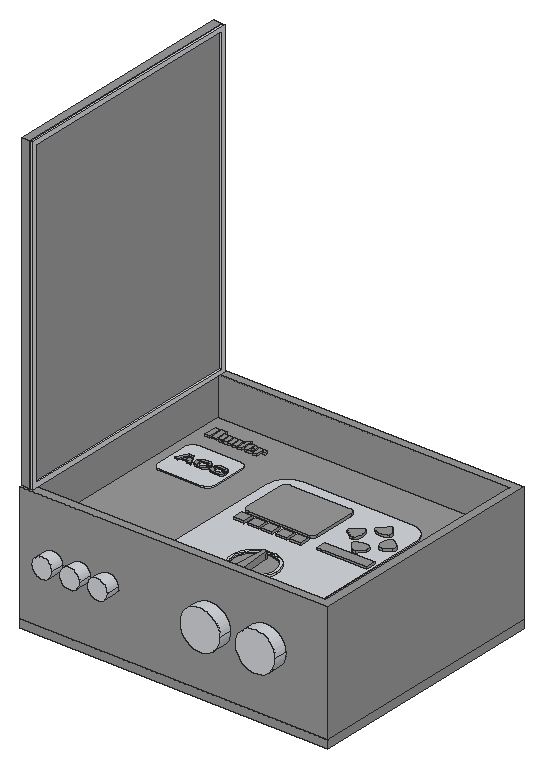
Revit family "HUNTER_ACC-1200 Wall Mounted", category Electrical Equipment, host Face, Revit 2017
Family settings
  Host = Face
  Panel Configuration = One Column
  Round Connector Dimension = Use Diameter
  Part Type = Panelboard
  OmniClass Number = 23.35.25.21
  Cut with Voids When Loaded = No
  Shared = Yes
  Room Calculation Point = No
Parameters (values of type "ACC-1200-SS")
  Up [instance] = no
  Type Image = <None>
  Transformer Output = "24VAC, 4.0A"  # constant formula
  Stations = "12 Stations base unit controller expandable to 42 Stations"
  Sensor Input = "4 + Flow"  # constant formula
  Pump/Master Valve Contacts = "2, normally closed"  # constant formula
  Protection Rating = "IP56"
  Power = Current * Input Voltage  # 240 VA
  Panel Type = "Modular"
  Panel Name [instance] = "ACC-SS"
  Output Voltage = 24 V
  Number of Sensor Inputs = "4+ Dedicated Flow Input"
  built-in parameter 1140079 [instance] = (empty or 0)
  Input Voltage = 120 V
  Expansion Module = "A2M-600 (6 Stations plug-in) Expansion Module"
  Enclosure_Width = 390 mm
  Voltage = "120"
  URL = "https://www.hunterindustries.com/irrigation-product/controllers/acc"
  Type Comments = "Hunter's Flagship Controller"
  Keynote = "328423.04"
  Power factor = 1
  built-in parameter 1140081 [instance] = "Wall Mounted Controller"
  Model = "ACC-1200-SS / ACC-1800-SS / ACC- 2400-SS / ACC-3000-SS / ACC-3600-SS / ACC-4200-SS"
  Manufacturer = "Hunter® Industries"
  Enclosure_Height = 310 mm
  Enclosure Material = Hunter® Stainless Steel
  built-in parameter 1140083 [instance] = "1.45mm Gauge / Corrosion Resistant / Stainless Steel Enclosure"
  Down [instance] = yes
  Description = "12-Station base unit , Wall mounted controller, expandable to 42 stations, with Stainless Steel Cabinet"
  Enclosure_Depth = 160 mm
  Default Elevation = 1200 mm
  Decoders = "Expandable Up to 99 with Decoders"
  Current = if(Input Voltage = 120 V, 2 A, 1 A)  # 2 A
  Assembly Code = "D5090900"
Types (2, lengths in mm): name | Stations | Panel Name | Model | Enclosure Material | built-in parameter 1140083 | Description
  ACC-1200 | "12 Stations base count expandable to 42 Stations" | "ACC" | "ACC-1200 / ACC-1800 / ACC- 2400 / ACC-3000 / ACC-3600 / ACC-4200" | Hunter® Metal Grey | "Grey Powder Coated Metal Cabinet" | "12-Station base unit , Wall mounted controller, expandable to 42 stations, with Metal Cabinet"
  ACC-1200-SS | "12 Stations base unit controller expandable to 42 Stations" | "ACC-SS" | "ACC-1200-SS / ACC-1800-SS / ACC- 2400-SS / ACC-3000-SS / ACC-3600-SS / ACC-4200-SS" | Hunter® Stainless Steel | "1.45mm Gauge / Corrosion Resistant / Stainless Steel Enclosure" | "12-Station base unit , Wall mounted controller, expandable to 42 stations, with Stainless Steel Cabinet"
Reference planes
  plane 1 "Center (Front/Back)": y = 0
  plane 2: z = 0
  plane 3 "Center (Left/Right)": x = 0
Forms (mm)
  Extrusion 1, solid, material "Hunter® Stainless Steel" <- "Enclosure Material"
    sketch origin (0, 0, 0) x (1, 0, 0) y (0, 1, 0)
      loop
        line (195, -155) -> (195, 155) -> (-195, 155) -> (-195, -155) -> (195, -155)
      loop
        line (185, 145) -> (-185, 145) -> (-185, -145) -> (185, -145) -> (185, 145)
    from 0 to 160 <- "Enclosure_Depth"
  Extrusion 2, solid, material "Hunter® Stainless Steel" <- "Enclosure Material"
    sketch origin (0, 0, 0) x (1, 0, 0) y (0, 1, 0)
      loop
        line (-195, 155) -> (-195, -155) -> (195, -155) -> (195, 155) -> (-195, 155)
    from 0 to 10
  Extrusion 3, solid, material "Hunter® Stainless Steel" <- "Enclosure Material"
    sketch origin (0, 0, 160) x (1, 0, 0) y (0, 1, 0)
      loop
        line (185, 145) -> (-185, 145) -> (-185, -145) -> (185, -145) -> (185, 145)
    from -113.095 to -49.145
  Extrusion 4, solid, material "Hunter_Controler"
    sketch origin (-24.528, 15.224, 110.855) x (1, 0, 0) y (0, 1, 0)
      loop
        line (-146.162, 92.418) -> (-139.618, 92.418) -> (-139.618, 100.741) -> (-138.16, 100.741) -> (-138.16, 92.418) -> (-131.615, 92.418) -> (-131.615, 109.317) -> (-138.16, 109.317) -> (-138.16, 102.419) -> (-139.622, 102.419) -> (-139.622, 109.317) -> (-146.162, 109.317) -> (-146.162, 92.418)
      loop
        line (-130.455, 104.497) -> (-130.455, 95.91)
        arc (-130.455, 95.91) -> (-129.29, 93.303) -> (-126.571, 92.431) r 3.5
        line (-126.571, 92.431) -> (-125.217, 92.431) -> (-125.217, 104.497) -> (-130.455, 104.497)
      loop
        line (-124.091, 92.431) -> (-122.728, 92.431)
        arc (-122.728, 92.431) -> (-120.015, 93.308) -> (-118.854, 95.912) r 3.501
        line (-118.854, 95.912) -> (-118.854, 104.497) -> (-124.091, 104.497) -> (-124.091, 92.431)
      loop
        line (-117.768, 104.544) -> (-117.768, 92.434) -> (-112.533, 92.434) -> (-112.533, 104.544) -> (-117.768, 104.544)
      loop
        line (-111.423, 92.431) -> (-106.087, 92.431) -> (-106.087, 100.979)
        arc (-106.087, 100.979) -> (-107.369, 103.489) -> (-110, 104.497) r 3.935
        line (-110, 104.497) -> (-111.423, 104.497) -> (-111.423, 92.431)
      loop
        line (-106.72, 103.074) -> (-104.862, 103.074) -> (-104.862, 92.431) -> (-99.793, 92.431) -> (-99.793, 103.074) -> (-97.698, 103.074) -> (-97.698, 104.368) -> (-99.793, 104.368) -> (-99.793, 109.3) -> (-106.72, 103.074)
      loop
        line (-93.122, 93.785) -> (-93.122, 104.666)
        arc (-93.122, 104.666) -> (-99.238, 98.549) -> (-93.122, 92.433) r 6.116
        arc (-93.122, 92.433) -> (-89.698, 93.038) -> (-86.69, 94.78) r 9.987
        line (-86.69, 94.78) -> (-86.69, 96.267)
        arc (-86.69, 96.267) -> (-89.615, 94.273) -> (-93.122, 93.785) r 7.764
      loop
        arc (-86.69, 98.43) -> (-87.997, 102.86) -> (-92.263, 104.632) r 5.364
        line (-92.263, 104.632) -> (-92.263, 98.43) -> (-86.69, 98.43)
      loop
        line (-85.937, 92.433) -> (-80.745, 92.433) -> (-80.745, 104.543) -> (-85.937, 104.543) -> (-85.937, 92.433)
      loop
        circle (-77.797, 101.823) r 2.319
      loop
        line (-140.778, 37.324) -> (-136.041, 37.324) -> (-134.8, 39.769) -> (-126.206, 39.769) -> (-124.888, 37.324) -> (-120.171, 37.324) -> (-124.982, 46.079) -> (-129.614, 46.079) -> (-127.791, 42.748) -> (-133.215, 42.748) -> (-130.546, 47.784) -> (-125.921, 47.784) -> (-127.772, 51.151) -> (-133.291, 51.151) -> (-140.778, 37.324)
      loop
        line (-118.845, 47.78) -> (-111.96, 47.752) -> (-107.338, 47.752)
        arc (-107.338, 47.752) -> (-106.26, 47.534) -> (-105.352, 46.916) r 2.777
        line (-105.352, 46.916) -> (-105.352, 46.09) -> (-101.111, 46.09)
        arc (-101.111, 46.09) -> (-103.14, 49.276) -> (-106.325, 51.304) r 8.713
        line (-106.325, 51.304) -> (-113.621, 51.304)
        arc (-113.621, 51.304) -> (-116.75, 50.308) -> (-118.845, 47.78) r 5.836
      loop
        line (-118.969, 46.098) -> (-118.969, 41.652)
        arc (-118.969, 41.652) -> (-116.657, 38.412) -> (-112.876, 37.172) r 6.382
        line (-112.876, 37.172) -> (-106.039, 37.172)
        arc (-106.039, 37.172) -> (-102.932, 38.147) -> (-100.94, 40.724) r 5.437
        line (-100.94, 40.724) -> (-100.94, 42.634) -> (-105.18, 42.634)
        arc (-105.18, 42.634) -> (-105.236, 41.429) -> (-106.214, 40.724) r 1.386
        line (-106.214, 40.724) -> (-107.663, 40.724) -> (-112.188, 40.724)
        arc (-112.188, 40.724) -> (-113.904, 41.434) -> (-114.614, 43.15) r 2.426
        line (-114.614, 43.15) -> (-114.614, 46.098) -> (-118.969, 46.098)
      loop
        line (-98.506, 47.78) -> (-91.621, 47.752) -> (-86.999, 47.752)
        arc (-86.999, 47.752) -> (-85.922, 47.534) -> (-85.013, 46.916) r 2.777
        line (-85.013, 46.916) -> (-85.013, 46.09) -> (-80.773, 46.09)
        arc (-80.773, 46.09) -> (-82.801, 49.276) -> (-85.986, 51.304) r 8.713
        line (-85.986, 51.304) -> (-93.283, 51.304)
        arc (-93.283, 51.304) -> (-96.411, 50.308) -> (-98.506, 47.78) r 5.836
      loop
        line (-98.63, 46.098) -> (-98.63, 41.652)
        arc (-98.63, 41.652) -> (-96.319, 38.412) -> (-92.538, 37.172) r 6.382
        line (-92.538, 37.172) -> (-85.701, 37.172)
        arc (-85.701, 37.172) -> (-82.593, 38.147) -> (-80.601, 40.724) r 5.437
        line (-80.601, 40.724) -> (-80.601, 42.634) -> (-84.841, 42.634)
        arc (-84.841, 42.634) -> (-84.897, 41.429) -> (-85.875, 40.724) r 1.386
        line (-85.875, 40.724) -> (-87.324, 40.724) -> (-91.85, 40.724)
        arc (-91.85, 40.724) -> (-93.565, 41.434) -> (-94.276, 43.15) r 2.426
        line (-94.276, 43.15) -> (-94.276, 46.098) -> (-98.63, 46.098)
    from 0 to 2
  Extrusion 5, solid
    sketch origin (-24.528, 15.224, 110.855) x (1, 0, 0) y (0, 1, 0)
      loop
        arc (-136.044, 71.345) -> (-143.566, 68.23) -> (-146.682, 60.707) r 10.638
        line (-146.682, 60.707) -> (-146.682, 20.181)
        arc (-146.682, 20.181) -> (-143.566, 12.658) -> (-136.044, 9.542) r 10.638
        line (-136.044, 9.542) -> (-85.386, 9.542)
        arc (-85.386, 9.542) -> (-77.863, 12.658) -> (-74.747, 20.181) r 10.638
        line (-74.747, 20.181) -> (-74.747, 60.707)
        arc (-74.747, 60.707) -> (-77.863, 68.23) -> (-85.386, 71.345) r 10.638
        line (-85.386, 71.345) -> (-136.044, 71.345)
    from 0 to 1
  Extrusion 6, solid
    sketch origin (0, 0, 110.855) x (1, 0, 0) y (0, 1, 0)
      loop
        line (102.32, 93.635) -> (-35.31, 93.635)
        arc (-35.31, 93.635) -> (-52.987, 86.313) -> (-60.31, 68.635) r 25
        line (-60.31, 68.635) -> (-60.31, -81.728)
        arc (-60.31, -81.728) -> (-52.987, -99.405) -> (-35.31, -106.728) r 25
        line (-35.31, -106.728) -> (102.32, -106.728)
        arc (102.32, -106.728) -> (119.998, -99.405) -> (127.32, -81.728) r 25
        line (127.32, -81.728) -> (127.32, 68.635)
        arc (127.32, 68.635) -> (119.998, 86.313) -> (102.32, 93.635) r 25
    from 0 to 1
  Extrusion 7, solid
    sketch origin (-2.206, -24.27, 110.855) x (1, 0, 0) y (0, 1, 0)
      loop
        circle (33.505, -42.64) r 27.961
    from 0 to 3
  Extrusion 8, void
    sketch origin (-2.206, -24.27, 110.855) x (0, 1, 0) y (1, 0, 0)
      loop
        circle (-42.64, 33.505) r 25.523
    from -10 to 0
  Extrusion 9, solid, material "Hunter_Controler"
    sketch origin (12.815, -39.437, 110.855) x (1, 0, 0) y (0, 1, 0)
      loop
        line (21.692, -52.383) -> (18.994, -9.623)
        arc (18.994, -9.623) -> (18.578, -8.433) -> (17.604, -7.633) r 2.333
        arc (17.604, -7.633) -> (16.505, -7.616) -> (15.406, -7.633) r 34.018
        arc (15.406, -7.633) -> (14.432, -8.433) -> (14.016, -9.623) r 2.333
        line (14.016, -9.623) -> (11.315, -52.432)
        arc (11.315, -52.432) -> (11.679, -53.444) -> (12.666, -53.871) r 1.354
        line (12.666, -53.871) -> (20.295, -53.871)
        arc (20.295, -53.871) -> (21.315, -53.429) -> (21.692, -52.383) r 1.4
    from 0 to 8
  Extrusion 10, solid, material "Hunter_Controler"
    sketch origin (-19.891, -5.491, 110.855) x (1, 0, 0) y (0, 1, 0)
      loop
        line (-9.518, 11.665) -> (-23.109, 11.665) -> (-23.109, -1.409) -> (-9.518, -1.409) -> (-9.518, 11.665)
      loop
        line (8.372, 11.665) -> (-5.219, 11.665) -> (-5.219, -1.409) -> (8.372, -1.409) -> (8.372, 11.665)
      loop
        line (25.555, 11.665) -> (11.963, 11.665) -> (11.963, -1.409) -> (25.555, -1.409) -> (25.555, 11.665)
      loop
        line (44.158, 11.665) -> (30.567, 11.665) -> (30.567, -1.409) -> (44.158, -1.409) -> (44.158, 11.665)
      loop
        line (61.599, 11.665) -> (48.008, 11.665) -> (48.008, -1.409) -> (61.599, -1.409) -> (61.599, 11.665)
      loop
        line (56.158, 83.676) -> (-18.162, 83.676)
        arc (-18.162, 83.676) -> (-23.516, 81.458) -> (-25.734, 76.103) r 7.573
        line (-25.734, 76.103) -> (-25.734, 23.941)
        arc (-25.734, 23.941) -> (-23.442, 18.408) -> (-17.909, 16.116) r 7.826
        line (-17.909, 16.116) -> (59.266, 16.116)
        arc (59.266, 16.116) -> (62.801, 17.58) -> (64.266, 21.116) r 5
        line (64.266, 21.116) -> (64.266, 75.568)
        arc (64.266, 75.568) -> (61.891, 81.301) -> (56.158, 83.676) r 8.108
      loop
        line (142.703, 14.482) -> (79.38, 14.482) -> (79.38, 1.817) -> (142.703, 1.817) -> (142.703, 14.482)
      loop
        line (114.331, 21.071) -> (120.627, 29.425)
        arc (120.627, 29.425) -> (121.463, 31.925) -> (120.627, 34.425) r 4.154
        arc (120.627, 34.425) -> (111.322, 37.718) -> (102.017, 34.425) r 14.792
        arc (102.017, 34.425) -> (101.181, 31.925) -> (102.017, 29.425) r 4.154
        line (102.017, 29.425) -> (108.313, 21.071)
        arc (108.313, 21.071) -> (111.322, 19.57) -> (114.331, 21.071) r 3.768
      loop
        arc (114.331, 79.067) -> (111.322, 80.568) -> (108.313, 79.067) r 3.768
        line (108.313, 79.067) -> (102.017, 70.713)
        arc (102.017, 70.713) -> (101.181, 68.213) -> (102.017, 65.713) r 4.154
        arc (102.017, 65.713) -> (111.322, 62.42) -> (120.627, 65.713) r 14.792
        arc (120.627, 65.713) -> (121.463, 68.213) -> (120.627, 70.713) r 4.154
        line (120.627, 70.713) -> (114.331, 79.067)
      loop
        arc (140.321, 47.06) -> (141.821, 50.069) -> (140.321, 53.078) r 3.768
        line (140.321, 53.078) -> (131.966, 59.374)
        arc (131.966, 59.374) -> (129.466, 60.21) -> (126.966, 59.374) r 4.154
        arc (126.966, 59.374) -> (123.673, 50.069) -> (126.966, 40.764) r 14.792
        arc (126.966, 40.764) -> (129.466, 39.928) -> (131.966, 40.764) r 4.154
        line (131.966, 40.764) -> (140.321, 47.06)
      loop
        line (82.324, 47.06) -> (90.678, 40.764)
        arc (90.678, 40.764) -> (93.178, 39.928) -> (95.678, 40.764) r 4.154
        arc (95.678, 40.764) -> (98.971, 50.069) -> (95.678, 59.374) r 14.792
        arc (95.678, 59.374) -> (93.178, 60.21) -> (90.678, 59.374) r 4.154
        line (90.678, 59.374) -> (82.324, 53.078)
        arc (82.324, 53.078) -> (80.823, 50.069) -> (82.324, 47.06) r 3.768
    from 0 to 3
  Extrusion 11, solid, material "Hunter® Stainless Steel" <- "Enclosure Material"
    sketch origin (2, 0, -18) x (1, 0, 0) y (0, 0, 1)
      loop
        line (-197, 178) -> (-187, 178) -> (-187, 572) -> (-197, 572) -> (-197, 178)
    from -151.9 to 151.9
  Extrusion 12, solid
    sketch origin (-185, 0, 554) x (0, 0, -1) y (0, 1, 0)
      loop
        line (0, -151.9) -> (394, -151.9) -> (394, 151.9) -> (0, 151.9) -> (0, -151.9)
      loop
        line (5, -146.9) -> (389, -146.9) -> (389, 146.9) -> (5, 146.9) -> (5, -146.9)
    from 0 to 4
  Extrusion 13, solid
    sketch origin (0, 0, 0) x (1, 0, 0) y (0, 0, 1)
      loop
        circle (-153.688, 89.35) r 12.5
      loop
        circle (-118.688, 89.35) r 12.5
      loop
        circle (-83.688, 89.35) r 12.5
      loop
        circle (46.312, 89.35) r 25
      loop
        circle (116.312, 89.35) r 25
    from 141.9 to 171.344
Cuts and joins
  Extrusion 8 cuts Extrusion 3
  Extrusion 8 cuts Extrusion 6
  Extrusion 8 cuts Extrusion 7
Lines and regions (mm)
  model lines, style "ElectricalEquipmentHiddenLines"
    curve 1: arc (197, 0, 160) -> (87.201, 0, 432.885) -> (-181, 0, 553.675) r 394
  model lines
    curve 2: line (-185, 0, 160) -> (-195, 0, 160)
    curve 3: line (-185, 0, 554) -> (-185, 0, 160)
    curve 4: line (-195, 0, 160) -> (-195, 0, 553.995)
Dimensions and locks
  host face to Extrusion 1 = 160 mm
  equal spacing: Extrusion 1 sketch curve, plane 3 "Center (Left/Right)", Extrusion 1 sketch curve
  "Enclosure_Width": Extrusion 1 sketch curve to Extrusion 1 sketch curve
  "Enclosure_Height": Extrusion 1 sketch curve to Extrusion 1 sketch curve
  equal spacing: Extrusion 1 sketch curve, plane 1 "Center (Front/Back)", Extrusion 1 sketch curve
  aligned and locked: plane 2 to host face
  aligned and locked: level to host face
  aligned and locked: Extrusion 2 sketch curve to Extrusion 1  (x4)
  aligned and locked: Extrusion 3 sketch curve to Extrusion 1  (x4)
  aligned and locked: Extrusion 11 sketch curve to curve 4
  aligned and locked: curve 3 to Extrusion 11 sketch curve
  aligned and locked: Extrusion 11 sketch curve to curve 2
Automatic sketch dimensions
  host sketch curve to host sketch curve = 2438.4 mm  (x2)
  Extrusion 4 sketch curve to Extrusion 4 sketch curve = 1.458 mm
  Extrusion 4 sketch curve to Extrusion 4 sketch curve = 0.004 mm
  Extrusion 4 sketch curve to Extrusion 3 = 19.694 mm
  Extrusion 4 sketch curve to Extrusion 4 sketch curve = 6.544 mm  (x2)
  Extrusion 4 sketch curve to Extrusion 4 sketch curve = 1.462 mm
  Extrusion 4 sketch curve to Extrusion 4 sketch curve = 4.736 mm
  Extrusion 4 sketch curve to Extrusion 4 sketch curve = 1.241 mm
  Extrusion 4 sketch curve to Extrusion 4 sketch curve = 1.509 mm
  Extrusion 4 sketch curve to Extrusion 4 sketch curve = 1.585 mm  (x2)
  Extrusion 4 sketch curve to Extrusion 4 sketch curve = 2.745 mm
  Extrusion 4 sketch curve to Extrusion 4 sketch curve = 1.16 mm
  Extrusion 4 sketch curve to Extrusion 4 sketch curve = 0.933 mm
  Extrusion 4 sketch curve to Extrusion 4 sketch curve = 1.822 mm
  Extrusion 4 sketch curve to Extrusion 4 sketch curve = 2.774 mm
  Extrusion 4 sketch curve to Extrusion 4 sketch curve = 3.5 mm
  Extrusion 4 sketch curve to Extrusion 4 sketch curve = 0.383 mm
  Extrusion 4 sketch curve to Extrusion 4 sketch curve = 1.851 mm
  Extrusion 4 sketch curve to Extrusion 4 sketch curve = 1.354 mm
  Extrusion 4 sketch curve to Extrusion 4 sketch curve = 0.939 mm
  Extrusion 4 sketch curve to Extrusion 4 sketch curve = 1.318 mm
  Extrusion 4 sketch curve to Extrusion 4 sketch curve = 1.126 mm
  Extrusion 4 sketch curve to Extrusion 4 sketch curve = 1.364 mm
  Extrusion 4 sketch curve to Extrusion 4 sketch curve = 0.372 mm
  Extrusion 4 sketch curve to Extrusion 4 sketch curve = 4.717 mm
  Extrusion 4 sketch curve to Extrusion 4 sketch curve = 1.203 mm
  Extrusion 4 sketch curve to Extrusion 4 sketch curve = 3.501 mm
  Extrusion 4 sketch curve to Extrusion 4 sketch curve = 0.123 mm  (x2)
  Extrusion 4 sketch curve to Extrusion 4 sketch curve = 1.086 mm
  Extrusion 4 sketch curve to Extrusion 4 sketch curve = 4.354 mm  (x2)
  Extrusion 4 sketch curve to Extrusion 4 sketch curve = 0.993 mm  (x2)
  Extrusion 4 sketch curve to Extrusion 4 sketch curve = 1.128 mm  (x2)
  Extrusion 4 sketch curve to Extrusion 4 sketch curve = 1.738 mm  (x2)
  Extrusion 4 sketch curve to Extrusion 4 sketch curve = 5.235 mm
  Extrusion 4 sketch curve to Extrusion 4 sketch curve = 0.688 mm  (x2)
  Extrusion 4 sketch curve to Extrusion 4 sketch curve = 1.527 mm  (x2)
  Extrusion 4 sketch curve to Extrusion 4 sketch curve = 1.11 mm
  Extrusion 4 sketch curve to Extrusion 4 sketch curve = 1.423 mm
  Extrusion 4 sketch curve to Extrusion 4 sketch curve = 2.888 mm  (x2)
  Extrusion 4 sketch curve to Extrusion 4 sketch curve = 1.638 mm  (x2)
  Extrusion 4 sketch curve to Extrusion 4 sketch curve = 1.963 mm
  Extrusion 4 sketch curve to Extrusion 4 sketch curve = 3.28 mm
  Extrusion 4 sketch curve to Extrusion 4 sketch curve = 1.208 mm  (x2)
  Extrusion 4 sketch curve to Extrusion 4 sketch curve = 1.013 mm  (x2)
  Extrusion 4 sketch curve to Extrusion 4 sketch curve = 0.241 mm  (x2)
  Extrusion 4 sketch curve to Extrusion 4 sketch curve = 0.633 mm
  Extrusion 4 sketch curve to Extrusion 4 sketch curve = 0.174 mm  (x2)
  Extrusion 4 sketch curve to Extrusion 4 sketch curve = 1.986 mm  (x2)
  Extrusion 4 sketch curve to Extrusion 4 sketch curve = 0.86 mm  (x2)
  Extrusion 4 sketch curve to Extrusion 4 sketch curve = 1.858 mm
  Extrusion 4 sketch curve to Extrusion 4 sketch curve = 4.24 mm  (x2)
  Extrusion 4 sketch curve to Extrusion 4 sketch curve = 0.172 mm  (x2)
  Extrusion 4 sketch curve to Extrusion 4 sketch curve = 5.069 mm
  Extrusion 4 sketch curve to Extrusion 3 = 20.476 mm
  Extrusion 4 sketch curve to Extrusion 4 sketch curve = 0 mm  (x8)
  Extrusion 4 sketch curve to Extrusion 4 sketch curve = 2.31 mm
  Extrusion 4 sketch curve to Extrusion 4 sketch curve = 2.095 mm  (x2)
  Extrusion 4 sketch curve to Extrusion 4 sketch curve = 4.576 mm
  Extrusion 4 sketch curve to Extrusion 4 sketch curve = 0.711 mm
  Extrusion 4 sketch curve to Extrusion 4 sketch curve = 0.859 mm
  Extrusion 4 sketch curve to Extrusion 4 sketch curve = 0.276 mm
  Extrusion 4 sketch curve to Extrusion 4 sketch curve = 4.622 mm
  Extrusion 4 sketch curve to Extrusion 4 sketch curve = 5.574 mm
  Extrusion 4 sketch curve to Extrusion 4 sketch curve = 0.753 mm
  Extrusion 4 sketch curve to Extrusion 4 sketch curve = 5.192 mm
  Extrusion 4 sketch curve to Extrusion 4 sketch curve = 2.947 mm
  Extrusion 4 sketch curve to Extrusion 4 sketch curve = 0.655 mm
  Extrusion 4 sketch curve to Extrusion 4 sketch curve = 0.596 mm
  Extrusion 4 sketch curve to Extrusion 4 sketch curve = 0.903 mm
  Extrusion 4 sketch curve to Extrusion 4 sketch curve = 2.334 mm
  Extrusion 4 sketch curve to Extrusion 4 sketch curve = 0.417 mm
  Extrusion 4 sketch curve to Extrusion 4 sketch curve = 2.242 mm
  Extrusion 4 sketch curve to Extrusion 4 sketch curve = 0.725 mm
  Extrusion 4 sketch curve to Extrusion 4 sketch curve = 0.119 mm
  Extrusion 4 sketch curve to Extrusion 4 sketch curve = 2.163 mm
  Extrusion 4 sketch curve to Extrusion 4 sketch curve = 4.65 mm
  Extrusion 4 sketch curve to Extrusion 4 sketch curve = 3.479 mm
  Extrusion 4 sketch curve to Extrusion 4 sketch curve = 1.487 mm
  Extrusion 4 sketch curve to Extrusion 4 sketch curve = 3.478 mm
  Extrusion 4 sketch curve to Extrusion 4 sketch curve = 2.347 mm
  Extrusion 4 sketch curve to Extrusion 4 sketch curve = 0.002 mm
  Extrusion 4 sketch curve to Extrusion 4 sketch curve = 0.003 mm
  Extrusion 4 sketch curve to Extrusion 4 sketch curve = 8.323 mm
  Extrusion 4 sketch curve to Extrusion 4 sketch curve = 41.129 mm
  Extrusion 4 sketch curve to Extrusion 4 sketch curve = 0.152 mm
  Extrusion 4 sketch curve to Extrusion 4 sketch curve = 3.367 mm
  Extrusion 4 sketch curve to Extrusion 4 sketch curve = 3.523 mm  (x2)
  Extrusion 4 sketch curve to Extrusion 4 sketch curve = 3.552 mm
  Extrusion 4 sketch curve to Extrusion 4 sketch curve = 2.282 mm
  Extrusion 4 sketch curve to Extrusion 4 sketch curve = 0.836 mm  (x2)
  Extrusion 4 sketch curve to Extrusion 4 sketch curve = 1.682 mm
  Extrusion 4 sketch curve to Extrusion 4 sketch curve = 0.628 mm
  Extrusion 4 sketch curve to Extrusion 4 sketch curve = 0.826 mm  (x2)
  Extrusion 4 sketch curve to Extrusion 4 sketch curve = 1.705 mm
  Extrusion 4 sketch curve to Extrusion 4 sketch curve = 1.916 mm  (x2)
  Extrusion 4 sketch curve to Extrusion 4 sketch curve = 0.404 mm  (x2)
  Extrusion 4 sketch curve to Extrusion 4 sketch curve = 3.331 mm
  Extrusion 4 sketch curve to Extrusion 4 sketch curve = 3.456 mm
  Extrusion 4 sketch curve to Extrusion 4 sketch curve = 1.91 mm
  Extrusion 4 sketch curve to Extrusion 4 sketch curve = 0.519 mm  (x2)
  Extrusion 4 sketch curve to Extrusion 4 sketch curve = 4.446 mm
  Extrusion 4 sketch curve to Extrusion 4 sketch curve = 0.928 mm
  Extrusion 4 sketch curve to Extrusion 4 sketch curve = 2.98 mm
  Extrusion 4 sketch curve to Extrusion 4 sketch curve = 2.444 mm
  Extrusion 4 sketch curve to Extrusion 4 sketch curve = 4.327 mm
  Extrusion 4 sketch curve to Extrusion 4 sketch curve = 1.294 mm
  Extrusion 4 sketch curve to Extrusion 4 sketch curve = 2.72 mm
  Extrusion 4 sketch curve to Extrusion 4 sketch curve = 0.047 mm
  Extrusion 4 sketch curve to Extrusion 4 sketch curve = 0.034 mm
  Extrusion 4 sketch curve to Extrusion 4 sketch curve = 8.577 mm
  Extrusion 4 sketch curve to Extrusion 4 sketch curve = 1.678 mm
  Extrusion 5 sketch curve to Extrusion 3 = 13.79 mm
  Extrusion 5 sketch curve to Extrusion 5 sketch curve = 10.638 mm  (x3)
  Extrusion 5 sketch curve to Extrusion 5 sketch curve = 50.658 mm
  Extrusion 5 sketch curve to Extrusion 5 sketch curve = 0 mm
  Extrusion 5 sketch curve to Extrusion 3 = 120.233 mm
  Extrusion 5 sketch curve to Extrusion 5 sketch curve = 40.527 mm
  Extrusion 6 sketch curve to Extrusion 3 = 124.69 mm
  Extrusion 6 sketch curve to Extrusion 6 sketch curve = 25 mm  (x3)
  Extrusion 6 sketch curve to Extrusion 3 = 82.68 mm  (x2)
  Extrusion 6 sketch curve to Extrusion 3 = 38.272 mm
  Extrusion 6 sketch curve to Extrusion 3 = 76.365 mm
  Extrusion 9 sketch curve to Extrusion 3 = 53.131 mm
  Extrusion 9 sketch curve to Extrusion 3 = 160.869 mm
  Extrusion 9 sketch curve to Extrusion 9 sketch curve = 1.351 mm
  Extrusion 9 sketch curve to Extrusion 9 sketch curve = 2.7 mm
  Extrusion 9 sketch curve to Extrusion 9 sketch curve = 2.329 mm  (x2)
  Extrusion 9 sketch curve to Extrusion 9 sketch curve = 3.839 mm
  Extrusion 9 sketch curve to Extrusion 9 sketch curve = 0.321 mm
  Extrusion 9 sketch curve to Extrusion 9 sketch curve = 7.628 mm
  Extrusion 9 sketch curve to Extrusion 3 = 53.18 mm
  Extrusion 9 sketch curve to Extrusion 9 sketch curve = 1.397 mm
  Extrusion 9 sketch curve to Extrusion 9 sketch curve = 0.085 mm
  Extrusion 9 sketch curve to Extrusion 9 sketch curve = 10.837 mm
  Extrusion 9 sketch curve to Extrusion 9 sketch curve = 31.864 mm
  Extrusion 9 sketch curve to Extrusion 9 sketch curve = 0 mm
  Extrusion 9 sketch curve to Extrusion 9 sketch curve = 0.147 mm  (x2)
  Extrusion 9 sketch curve to Extrusion 9 sketch curve = 0.938 mm
  Extrusion 10 sketch curve to Extrusion 3 = 139.375 mm
  Extrusion 10 sketch curve to Extrusion 10 sketch curve = 2.625 mm
  Extrusion 10 sketch curve to Extrusion 10 sketch curve = 7.573 mm
  Extrusion 10 sketch curve to Extrusion 10 sketch curve = 7.826 mm
  Extrusion 10 sketch curve to Extrusion 10 sketch curve = 13.591 mm  (x4)
  Extrusion 10 sketch curve to Extrusion 10 sketch curve = 4.299 mm
  Extrusion 10 sketch curve to Extrusion 10 sketch curve = 3.591 mm
  Extrusion 10 sketch curve to Extrusion 10 sketch curve = 5.012 mm
  Extrusion 10 sketch curve to Extrusion 10 sketch curve = 3.85 mm
  Extrusion 10 sketch curve to Extrusion 10 sketch curve = 8.15 mm
  Extrusion 10 sketch curve to Extrusion 10 sketch curve = 11.258 mm
  Extrusion 10 sketch curve to Extrusion 10 sketch curve = 2.333 mm
  Extrusion 10 sketch curve to Extrusion 10 sketch curve = 8.108 mm
  Extrusion 10 sketch curve to Extrusion 10 sketch curve = 17.782 mm
  Extrusion 10 sketch curve to Extrusion 10 sketch curve = 18.058 mm
  Extrusion 10 sketch curve to Extrusion 10 sketch curve = 0 mm  (x10)
  Extrusion 10 sketch curve to Extrusion 10 sketch curve = 1.855 mm  (x4)
  Extrusion 10 sketch curve to Extrusion 10 sketch curve = 0.413 mm  (x4)
  Extrusion 10 sketch curve to Extrusion 10 sketch curve = 8.354 mm  (x3)
  Extrusion 10 sketch curve to Extrusion 10 sketch curve = 2.5 mm  (x10)
  Extrusion 10 sketch curve to Extrusion 10 sketch curve = 11.34 mm  (x4)
  Extrusion 10 sketch curve to Extrusion 10 sketch curve = 3.317 mm  (x10)
  Extrusion 10 sketch curve to Extrusion 10 sketch curve = 6.296 mm  (x4)
  Extrusion 10 sketch curve to Extrusion 10 sketch curve = 3.009 mm  (x6)
  Extrusion 10 sketch curve to Extrusion 3 = 71.423 mm
  Extrusion 10 sketch curve to Extrusion 10 sketch curve = 5.987 mm  (x4)
  Extrusion 10 sketch curve to Extrusion 3 = 79.777 mm
  Extrusion 10 sketch curve to Extrusion 10 sketch curve = 8.84 mm  (x2)
  Extrusion 10 sketch curve to Extrusion 10 sketch curve = 8.586 mm  (x2)
  Extrusion 10 sketch curve to Extrusion 10 sketch curve = 28.372 mm
  Extrusion 10 sketch curve to Extrusion 10 sketch curve = 23.118 mm
  Extrusion 10 sketch curve to Extrusion 10 sketch curve = 14.943 mm
  Extrusion 10 sketch curve to Extrusion 10 sketch curve = 4.451 mm  (x2)
  Extrusion 10 sketch curve to Extrusion 10 sketch curve = 12.665 mm
  Extrusion 10 sketch curve to Extrusion 10 sketch curve = 13.074 mm  (x5)
  Extrusion 10 sketch curve to Extrusion 10 sketch curve = 22.49 mm
  Extrusion 10 sketch curve to Extrusion 10 sketch curve = 2.268 mm
  Extrusion 4 sketch curve to Extrusion 3 = 14.31 mm
  Extrusion 4 sketch curve to Extrusion 4 sketch curve = 4.634 mm
  Extrusion 12 sketch curve to Extrusion 11 = 0 mm  (x4)
  Extrusion 12 sketch curve to Extrusion 11 = 5 mm
  Extrusion 11 to Extrusion 12 sketch curve = 5 mm  (x3)
  Extrusion 13 sketch curve to plane 3 "Center (Left/Right)" = 153.688 mm
  Extrusion 13 sketch curve to Extrusion 13 sketch curve = 35 mm  (x2)
  plane 3 "Center (Left/Right)" to Extrusion 13 sketch curve = 46.312 mm
  Extrusion 13 sketch curve to Extrusion 13 sketch curve = 70 mm
  level to Extrusion 13 sketch curve = 89.35 mm  (x2)
  Extrusion 13 sketch curve to Extrusion 13 sketch curve = 0 mm  (x3)
  Extrusion 11 sketch curve to Extrusion 11 sketch curve = 394 mm
  curve 1 to plane 3 "Center (Left/Right)" = 197 mm
  curve 1 to curve 4 = 2 mm
  curve 2 to curve 3 = 10 mm
  level to curve 3 = 160 mm
  curve 1 to curve 2 = 0 mm
  curve 3 to curve 1 = 4 mm
  plane 3 "Center (Left/Right)" to curve 1 = 197 mm
  curve 1 to curve 3 = 0.325 mm
  curve 4 to curve 3 = 0.005 mm
  Extrusion 1 sketch curve to Extrusion 1 sketch curve = 10 mm  (x4)
  radius of Extrusion 4 sketch curve = 2.319 mm
  radius of Extrusion 13 sketch curve = 12.5 mm  (x3)
  radius of Extrusion 13 sketch curve = 25 mm  (x2)
Nested families
  nested 1: "HUNTER ACC SYMBOL" at (0, 0, 100) x (1, 0, 0) z (0, -1, 0), visible <- "Up", type "SYMBOL"
  nested 2: "HUNTER ACC SYMBOL" at (0, 0, 190) x (1, 0, 0) z (0, -1, 0), visible <- "Down", type "SYMBOL"
Connectors
  cabletrayconduit at (-153.688, -171.344, 89.35), diameter 25
    settings: on Extrusion 13, index 2, connector width 300 mm, connector height 300 mm, connector angle 0.00°, system type 32, placement type 0, profile type 0, connector reference index -1, is primary connector yes, connector utility param no, connector description ""
  cabletrayconduit at (-118.688, -171.344, 89.35), diameter 25
    settings: on Extrusion 13, index 3, connector width 300 mm, connector height 300 mm, connector angle 0.00°, system type 32, placement type 0, profile type 0, connector reference index -1, is primary connector no, connector utility param no, connector description ""
  cabletrayconduit at (-83.688, -171.344, 89.35), diameter 25
    settings: on Extrusion 13, index 4, connector width 300 mm, connector height 300 mm, connector angle 0.00°, system type 32, placement type 0, profile type 0, connector reference index -1, is primary connector no, connector utility param no, connector description ""
  cabletrayconduit at (46.312, -171.344, 89.35), diameter 50
    settings: on Extrusion 13, index 5, connector width 300 mm, connector height 300 mm, connector angle 0.00°, system type 32, placement type 0, profile type 0, connector reference index -1, is primary connector no, connector utility param no, connector description ""
  cabletrayconduit at (116.312, -171.344, 89.35), diameter 50
    settings: on Extrusion 13, index 6, connector width 300 mm, connector height 300 mm, connector angle 0.00°, system type 32, placement type 0, profile type 0, connector reference index -1, is primary connector no, connector utility param no, connector description ""
  electrical at (-153.688, -171.344, 89.35), driven by "Output Voltage", driven by "Power", driven by "Power factor"
    settings: on Extrusion 13, index 7, voltage 24 V, apparent load 240 VA, apparent load phase1 0 VA, apparent load phase2 0 VA, apparent load phase3 0 VA, power factor 1, load classification "Other", number of poles 1, system type 30, power factor state 1, is connector primary yes, connector utility no, sub classification motor no, connector description ""
  electrical at (-118.688, -171.344, 89.35)
    settings: on Extrusion 13, index 8, voltage 0 V, apparent load 0 VA, apparent load phase1 0 VA, apparent load phase2 0 VA, apparent load phase3 0 VA, power factor 1, load classification "Other", number of poles 1, system type 14, power factor state 1, is connector primary no, connector utility no, sub classification motor no, connector description "Flow"
  electrical at (-83.688, -171.344, 89.35)
    settings: on Extrusion 13, index 9, voltage 0 V, apparent load 0 VA, apparent load phase1 0 VA, apparent load phase2 0 VA, apparent load phase3 0 VA, power factor 1, load classification "Other", number of poles 1, system type 14, power factor state 1, is connector primary no, connector utility no, sub classification motor no, connector description "RC Sensor"
  electrical at (46.312, -171.344, 89.35), driven by "Output Voltage"
    settings: on Extrusion 13, index 10, voltage 24 V, apparent load 7.68 VA, apparent load phase1 0 VA, apparent load phase2 0 VA, apparent load phase3 0 VA, power factor 1, load classification "Other", number of poles 1, system type 30, power factor state 1, is connector primary no, connector utility no, sub classification motor no, connector description "P/M1"
  electrical at (116.312, -171.344, 89.35), driven by "Output Voltage"
    settings: on Extrusion 13, index 11, voltage 24 V, apparent load 7.68 VA, apparent load phase1 0 VA, apparent load phase2 0 VA, apparent load phase3 0 VA, power factor 1, load classification "Other", number of poles 1, system type 30, power factor state 1, is connector primary no, connector utility no, sub classification motor no, connector description "P/M2"
Definition of nested family "HUNTER ACC SYMBOL"
  Parameters (values of type "SYMBOL")
    ACC2-DECODER = no
    ACC2 = yes
    ACC-99D = no
    ACC = no
  Reference planes
    plane 1 "Center (Front/Back)": y = 0
    plane 2: z = 0
    plane 3 "Center (Left/Right)": x = 0
  Lines and regions (mm)
    detail lines, in view "Ref. Level"
      curve 1: line (155.885, -90, 0) -> (0, 180, 0)
      curve 2: line (0, 180, 0) -> (-155.885, -90, 0)
      curve 3: line (-155.885, -90, 0) -> (155.885, -90, 0)
